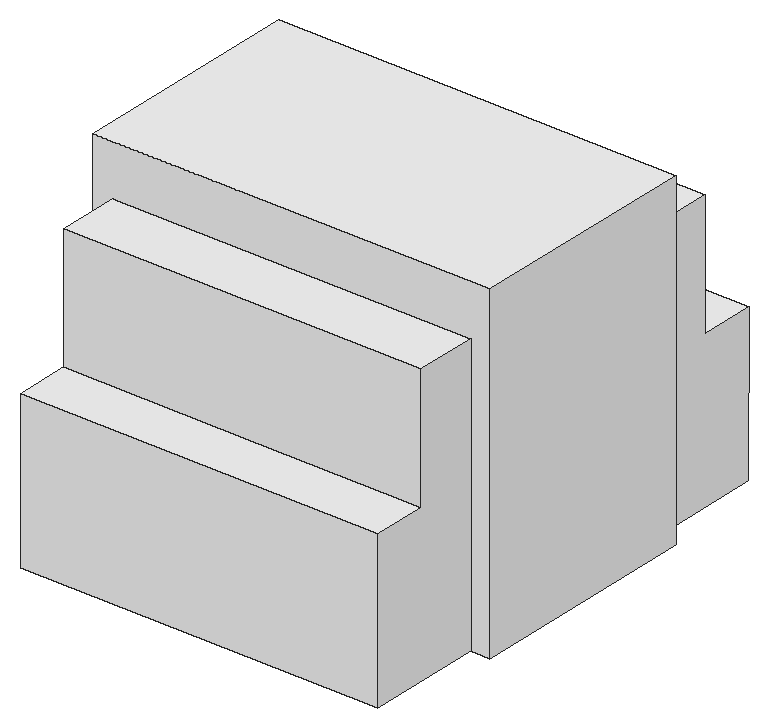
Revit family "Electrical_Equipment-HCS-LX_Series", category Electrical Equipment, host Face, Revit 2014
Parameters (values of type "LX")
  Withstand voltage = "I/P-O/P:3KVAC"  # constant formula
  Warranty = "Five-year limited"  # constant formula
  Voltage = "120V"
  URL = "https://www.hubbell.com/hubbellcontrolsolutions/en/"
  Type Comments = "Electrical Equipment"  # constant formula
  Tolerance = "+/-1%"  # constant formula
  Product Page URL = "https://www.hubbell.com/hubbellcontrolsolutions/en/Products/Lighting-Controls/Lighting-Controls-Sensors/LX-Lighting-Control-Panels/LXPWRSPLY/p/220931"
  Product Documentation Link = "https://hubbellcdn.com/specsheet/3116_lx_power_supply_cutsheet.pdf"
  Power Factor = 1
  Overvoltage protection = "Rated output voltage: 115% to 135%"  # constant formula
  Overload protection = "105% to 160% constant current limiting; auto-recovery"  # constant formula
  Output = "24V; 0–1.5A"  # constant formula
  Operating environment = "-4° to 22°F (-20°to 50°C) @100% load,140° F (60° C) @ 80% load"  # constant formula
  Model = "LX Power Supply\r"  # constant formula
  Manufacturer = "Hubbell Control Solutions"  # constant formula
  Load Classification = Power
  Keynote = ""
  Frequency = 60 Hz
  Efficiency = "83%"  # constant formula
  Device Material = Hubbell - White
  Description = "LX Lighting Control Panel System"  # constant formula
  Default Elevation = 48.00"
  DC adjustment range = "Rated output voltage: +/-10%"  # constant formula
  Create Date = "04/13/2018"  # constant formula
  Copyright = "Copyright © Hubbell Control Solutions"  # constant formula
  Contact Us = "https://www.hubbell.com/hubbellcontrolsolutions/en/contactUs?productId=220945"
  Connector Description 2 = "Controls"  # constant formula
  Connector Description 1 = "Power Supply"  # constant formula
  Certifications = "UL60950-1; TUV EN60950-1"  # constant formula
  Assembly Code = "D50"
  Apparent Load = 0.000 VA
  AC Input = "120VAC (100–240V), 50-60HZ(Line and Neutral Single Phase only)"  # constant formula
Reference planes (in)
  plane 1 "Center (Front/Back)": y = 0
  plane 2 "Bottom": z = 0
  plane 3 "Center (Left/Right)": x = 0
  plane 4: z = 2.5
  plane 5: y = 1.75
  plane 6: y = -1.75
  plane 7: x = -1.5
  plane 8: x = 1.5
  plane 9: y = 0.875
  plane 10: y = -0.875
  plane 11: x = -1.35
  plane 12: x = 1.35
Forms (in)
  Extrusion 1, solid, material "Hubbell - White" <- "Device Material"
    sketch origin (0, 0, 0.09375) x (0, -1, 0) y (1, 0, 0)
      loop
        line (-0.875, -1.5) -> (0.875, -1.5) -> (0.875, 1.5) -> (-0.875, 1.5) -> (-0.875, -1.5)
    from -0.09375 to 2.40625
  Extrusion 2, solid, material "Hubbell - White" <- "Device Material"
    sketch origin (0, 0, 0) x (0, 1, 0) y (0, 0, 1)
      loop
        line (0.875, 2.11167) -> (0.875, 0) -> (1.75, 0) -> (1.75, 1.17417) -> (1.33844, 1.17417) -> (1.33844, 2.11167) -> (0.875, 2.11167)
      loop
        line (-0.875, 2.11167) -> (-1.33844, 2.11167) -> (-1.33844, 1.17417) -> (-1.75, 1.17417) -> (-1.75, 0) -> (-0.875, 0) -> (-0.875, 2.11167)
    from -1.35 to 1.35
Cuts and joins
  joined: Extrusion 1, Extrusion 2
Lines and regions (in)
  model lines
    curve 1: line (-1.22302, 0.875, 2.11167) -> (-1.22302, 1.33844, 2.11167)
    curve 2: line (-1.18261, 0.875, 2.11167) -> (-1.18261, 1.33844, 2.11167)
    curve 3: line (1.18092, 0.875, 2.11167) -> (1.18092, 1.33844, 2.11167)
    curve 4: line (1.22134, 0.875, 2.11167) -> (1.22134, 1.33844, 2.11167)
    curve 5: line (-1.05131, 0.875, 2.11167) -> (-1.05131, 1.33844, 2.11167)
    curve 6: line (-1.0109, 0.875, 2.11167) -> (-1.0109, 1.33844, 2.11167)
    curve 7: line (-0.8796, 0.875, 2.11167) -> (-0.8796, 1.33844, 2.11167)
    curve 8: line (-0.83919, 0.875, 2.11167) -> (-0.83919, 1.33844, 2.11167)
    curve 9: line (-0.70789, 0.875, 2.11167) -> (-0.70789, 1.33844, 2.11167)
    curve 10: line (-0.66747, 0.875, 2.11167) -> (-0.66747, 1.33844, 2.11167)
    curve 11: line (-0.53618, 0.875, 2.11167) -> (-0.53618, 1.33844, 2.11167)
    curve 12: line (-0.49576, 0.875, 2.11167) -> (-0.49576, 1.33844, 2.11167)
    curve 13: line (-0.36447, 0.875, 2.11167) -> (-0.36447, 1.33844, 2.11167)
    curve 14: line (-0.32405, 0.875, 2.11167) -> (-0.32405, 1.33844, 2.11167)
    curve 15: line (-0.19276, 0.875, 2.11167) -> (-0.19276, 1.33844, 2.11167)
    curve 16: line (-0.15234, 0.875, 2.11167) -> (-0.15234, 1.33844, 2.11167)
    curve 17: line (-0.02105, 0.875, 2.11167) -> (-0.02105, 1.33844, 2.11167)
    curve 18: line (0.01937, 0.875, 2.11167) -> (0.01937, 1.33844, 2.11167)
    curve 19: line (0.15066, 0.875, 2.11167) -> (0.15066, 1.33844, 2.11167)
    curve 20: line (0.19108, 0.875, 2.11167) -> (0.19108, 1.33844, 2.11167)
    curve 21: line (0.32237, 0.875, 2.11167) -> (0.32237, 1.33844, 2.11167)
    curve 22: line (0.36279, 0.875, 2.11167) -> (0.36279, 1.33844, 2.11167)
    curve 23: line (0.49408, 0.875, 2.11167) -> (0.49408, 1.33844, 2.11167)
    curve 24: line (0.5345, 0.875, 2.11167) -> (0.5345, 1.33844, 2.11167)
    curve 25: line (0.66579, 0.875, 2.11167) -> (0.66579, 1.33844, 2.11167)
    curve 26: line (0.70621, 0.875, 2.11167) -> (0.70621, 1.33844, 2.11167)
    curve 27: line (0.8375, 0.875, 2.11167) -> (0.8375, 1.33844, 2.11167)
    curve 28: line (0.87792, 0.875, 2.11167) -> (0.87792, 1.33844, 2.11167)
    curve 29: line (1.00921, 0.875, 2.11167) -> (1.00921, 1.33844, 2.11167)
    curve 30: line (1.04963, 0.875, 2.11167) -> (1.04963, 1.33844, 2.11167)
    curve 31: line (-1.22302, -0.875, 2.11167) -> (-1.22302, -1.33844, 2.11167)
    curve 32: line (-1.18261, -0.875, 2.11167) -> (-1.18261, -1.33844, 2.11167)
    curve 33: line (1.18092, -0.875, 2.11167) -> (1.18092, -1.33844, 2.11167)
    curve 34: line (1.22134, -0.875, 2.11167) -> (1.22134, -1.33844, 2.11167)
    curve 35: line (-1.05131, -0.875, 2.11167) -> (-1.05131, -1.33844, 2.11167)
    curve 36: line (-1.0109, -0.875, 2.11167) -> (-1.0109, -1.33844, 2.11167)
    curve 37: line (-0.8796, -0.875, 2.11167) -> (-0.8796, -1.33844, 2.11167)
    curve 38: line (-0.83919, -0.875, 2.11167) -> (-0.83919, -1.33844, 2.11167)
    curve 39: line (-0.70789, -0.875, 2.11167) -> (-0.70789, -1.33844, 2.11167)
    curve 40: line (-0.66747, -0.875, 2.11167) -> (-0.66747, -1.33844, 2.11167)
    curve 41: line (-0.53618, -0.875, 2.11167) -> (-0.53618, -1.33844, 2.11167)
    curve 42: line (-0.49576, -0.875, 2.11167) -> (-0.49576, -1.33844, 2.11167)
    curve 43: line (-0.36447, -0.875, 2.11167) -> (-0.36447, -1.33844, 2.11167)
    curve 44: line (-0.32405, -0.875, 2.11167) -> (-0.32405, -1.33844, 2.11167)
    curve 45: line (-0.19276, -0.875, 2.11167) -> (-0.19276, -1.33844, 2.11167)
    curve 46: line (-0.15234, -0.875, 2.11167) -> (-0.15234, -1.33844, 2.11167)
    curve 47: line (-0.02105, -0.875, 2.11167) -> (-0.02105, -1.33844, 2.11167)
    curve 48: line (0.01937, -0.875, 2.11167) -> (0.01937, -1.33844, 2.11167)
    curve 49: line (0.15066, -0.875, 2.11167) -> (0.15066, -1.33844, 2.11167)
    curve 50: line (0.19108, -0.875, 2.11167) -> (0.19108, -1.33844, 2.11167)
    curve 51: line (0.32237, -0.875, 2.11167) -> (0.32237, -1.33844, 2.11167)
    curve 52: line (0.36279, -0.875, 2.11167) -> (0.36279, -1.33844, 2.11167)
    curve 53: line (0.49408, -0.875, 2.11167) -> (0.49408, -1.33844, 2.11167)
    curve 54: line (0.5345, -0.875, 2.11167) -> (0.5345, -1.33844, 2.11167)
    curve 55: line (0.66579, -0.875, 2.11167) -> (0.66579, -1.33844, 2.11167)
    curve 56: line (0.70621, -0.875, 2.11167) -> (0.70621, -1.33844, 2.11167)
    curve 57: line (0.8375, -0.875, 2.11167) -> (0.8375, -1.33844, 2.11167)
    curve 58: line (0.87792, -0.875, 2.11167) -> (0.87792, -1.33844, 2.11167)
    curve 59: line (1.00921, -0.875, 2.11167) -> (1.00921, -1.33844, 2.11167)
    curve 60: line (1.04963, -0.875, 2.11167) -> (1.04963, -1.33844, 2.11167)
Dimensions and locks (in)
  plane 4 to plane 2 "Bottom" = 2.50"  (x2)
  equal spacing: plane 7, plane 3 "Center (Left/Right)", plane 8
  equal spacing: plane 10, plane 1 "Center (Front/Back)", plane 9
  equal spacing: plane 5, plane 1 "Center (Front/Back)", plane 6
  plane 1 "Center (Front/Back)" to plane 5 = 1.75"
  equal spacing: plane 11, plane 3 "Center (Left/Right)", plane 12
  aligned and locked: plane 2 "Bottom" to host face
  aligned and locked: level to host face
  aligned and locked: plane 9 to Extrusion 1 sketch curve
  aligned and locked: Extrusion 1 sketch curve to plane 7
  aligned and locked: plane 10 to Extrusion 1 sketch curve
  aligned and locked: Extrusion 1 sketch curve to plane 8
  aligned and locked: Extrusion 1 to plane 2 "Bottom"
  aligned and locked: plane 4 to Extrusion 1
  aligned and locked: plane 9 to Extrusion 2 sketch curve
  aligned and locked: plane 5 to Extrusion 2 sketch curve
  aligned and locked: Extrusion 2 sketch curve to plane 10
  aligned and locked: Extrusion 2 sketch curve to plane 6
  aligned and locked: host face to Extrusion 2 sketch curve
  aligned and locked: Extrusion 2 sketch curve to host face
  aligned and locked: plane 11 to Extrusion 2
  aligned and locked: plane 12 to Extrusion 2
Automatic sketch dimensions
  host sketch curve to host sketch curve = 96.00"  (x2)
  Extrusion 2 sketch curve to plane 6 = 0.41156"
  Extrusion 2 sketch curve to plane 5 = 0.41156"
  Extrusion 2 sketch curve to plane 4 = 1.32583"  (x2)
  Extrusion 2 sketch curve to plane 4 = 0.38833"  (x2)
  curve 31 to curve 46 = 0.00"
  curve 31 to curve 32 = 0.00"  (x2)
  curve 46 to curve 60 = 0.00"
  curve 60 to curve 33 = 0.00"
  curve 59 to curve 60 = 0.00"  (x2)
  curve 33 to curve 34 = 0.00"  (x2)
  curve 58 to curve 59 = 0.00"  (x2)
  curve 32 to curve 35 = 0.00"
  curve 57 to curve 58 = 0.00"  (x2)
  curve 35 to curve 36 = 0.00"  (x2)
  curve 56 to curve 57 = 0.00"  (x2)
  curve 36 to curve 37 = 0.00"  (x2)
  curve 55 to curve 56 = 0.00"  (x2)
  curve 37 to curve 38 = 0.00"  (x2)
  curve 54 to curve 55 = 0.00"  (x2)
  curve 38 to curve 39 = 0.00"  (x2)
  curve 53 to curve 54 = 0.00"  (x2)
  curve 39 to curve 40 = 0.00"  (x2)
  curve 52 to curve 53 = 0.00"  (x2)
  curve 40 to curve 41 = 0.00"  (x2)
  curve 51 to curve 52 = 0.00"  (x2)
  curve 41 to curve 42 = 0.00"  (x2)
  curve 50 to curve 51 = 0.00"  (x2)
  curve 42 to curve 43 = 0.00"  (x2)
  curve 49 to curve 50 = 0.00"  (x2)
  curve 43 to curve 44 = 0.00"  (x2)
  curve 48 to curve 49 = 0.00"  (x2)
  curve 45 to curve 46 = 0.00"  (x2)
  curve 47 to curve 48 = 0.00"  (x2)
  curve 31 to curve 31 = 0.46344"
  curve 46 to curve 46 = 0.46344"
  curve 46 to curve 47 = 0.00"
  curve 44 to curve 45 = 0.00"
  curve 57 to curve 34 = 0.00"
  curve 4 to curve 3 = 0.04042"
  curve 34 to curve 33 = 0.04042"
  curve 3 to curve 30 = 0.13129"
  curve 60 to curve 59 = 0.04042"
  curve 30 to curve 29 = 0.04042"
  curve 59 to curve 58 = 0.13129"
  curve 29 to curve 28 = 0.13129"
  curve 28 to curve 27 = 0.04042"
  curve 58 to curve 57 = 0.04042"
  curve 27 to curve 26 = 0.13129"
  curve 57 to curve 56 = 0.13129"
  curve 56 to curve 55 = 0.04042"
  curve 26 to curve 25 = 0.04042"
  curve 55 to curve 54 = 0.13129"
  curve 25 to curve 24 = 0.13129"
  curve 24 to curve 23 = 0.04042"
  curve 54 to curve 53 = 0.04042"
  curve 53 to curve 52 = 0.13129"
  curve 23 to curve 22 = 0.13129"
  curve 22 to curve 21 = 0.04042"
  curve 52 to curve 51 = 0.04042"
  curve 51 to curve 50 = 0.13129"
  curve 21 to curve 20 = 0.13129"
  curve 50 to curve 49 = 0.04042"
  curve 20 to curve 19 = 0.04042"
  curve 19 to curve 18 = 0.13129"
  curve 49 to curve 48 = 0.13129"
  curve 18 to curve 17 = 0.04042"
  curve 48 to curve 47 = 0.04042"
  curve 17 to curve 16 = 0.13129"
  curve 47 to curve 46 = 0.13129"
  curve 46 to curve 45 = 0.04042"
  curve 16 to curve 15 = 0.04042"
  curve 45 to curve 44 = 0.13129"
  curve 15 to curve 14 = 0.13129"
  curve 14 to curve 13 = 0.04042"
  curve 44 to curve 43 = 0.04042"
  curve 13 to curve 12 = 0.13129"
  curve 43 to curve 42 = 0.13129"
  curve 12 to curve 11 = 0.04042"
  curve 42 to curve 41 = 0.04042"
  curve 41 to curve 40 = 0.13129"
  curve 11 to curve 10 = 0.13129"
  curve 40 to curve 39 = 0.04042"
  curve 10 to curve 9 = 0.04042"
  curve 39 to curve 38 = 0.13129"
  curve 9 to curve 8 = 0.13129"
  curve 38 to curve 37 = 0.04042"
  curve 8 to curve 7 = 0.04042"
  curve 37 to curve 36 = 0.13129"
  curve 7 to curve 6 = 0.13129"
  curve 36 to curve 35 = 0.04042"
  curve 6 to curve 5 = 0.04042"
  curve 5 to curve 2 = 0.13129"
  curve 32 to curve 31 = 0.04042"
  curve 2 to curve 1 = 0.04042"
  curve 47 to plane 10 = 0.00"
  plane 9 to curve 1 = 0.00"
  plane 9 to curve 30 = 0.00"
  plane 9 to curve 3 = 0.00"
  plane 9 to curve 29 = 0.00"
  plane 9 to curve 4 = 0.00"
  plane 9 to curve 28 = 0.00"
  plane 9 to curve 5 = 0.00"
  plane 9 to curve 27 = 0.00"
  plane 9 to curve 6 = 0.00"
  plane 9 to curve 26 = 0.00"
  plane 9 to curve 7 = 0.00"
  plane 9 to curve 25 = 0.00"
  plane 9 to curve 8 = 0.00"
  plane 9 to curve 24 = 0.00"
  plane 9 to curve 9 = 0.00"
  plane 9 to curve 23 = 0.00"
  plane 9 to curve 10 = 0.00"
  plane 9 to curve 22 = 0.00"
  plane 9 to curve 11 = 0.00"
  plane 9 to curve 21 = 0.00"
  plane 9 to curve 12 = 0.00"
  plane 9 to curve 20 = 0.00"
  plane 9 to curve 13 = 0.00"
  plane 9 to curve 19 = 0.00"
  plane 9 to curve 14 = 0.00"
  plane 9 to curve 18 = 0.00"
  plane 9 to curve 15 = 0.00"
  plane 9 to curve 17 = 0.00"
  plane 9 to curve 16 = 0.00"
  plane 9 to curve 2 = 0.00"
  curve 34 to plane 12 = 0.12866"
  curve 15 to plane 3 "Center (Left/Right)" = 0.19276"
  curve 15 to plane 5 = 0.41156"
  curve 15 to curve 17 = 0.00"
  curve 14 to curve 15 = 0.00"
  curve 17 to curve 18 = 0.00"
  curve 13 to curve 14 = 0.00"
  curve 18 to curve 19 = 0.00"
  curve 12 to curve 13 = 0.00"
  curve 19 to curve 20 = 0.00"
  curve 11 to curve 12 = 0.00"
  curve 20 to curve 21 = 0.00"
  curve 10 to curve 11 = 0.00"
  curve 21 to curve 22 = 0.00"
  curve 9 to curve 10 = 0.00"
  curve 22 to curve 23 = 0.00"
  curve 8 to curve 9 = 0.00"
  curve 23 to curve 24 = 0.00"
  curve 7 to curve 8 = 0.00"
  curve 24 to curve 25 = 0.00"
  curve 6 to curve 7 = 0.00"
  curve 25 to curve 26 = 0.00"
  curve 5 to curve 6 = 0.00"
  curve 26 to curve 27 = 0.00"
  curve 27 to curve 4 = 0.00"
  curve 27 to curve 28 = 0.00"
  curve 3 to curve 4 = 0.00"
  curve 28 to curve 29 = 0.00"
  curve 2 to curve 5 = 0.00"
  curve 15 to curve 16 = 0.00"
  curve 1 to curve 2 = 0.00"
  curve 29 to curve 30 = 0.00"
  curve 33 to curve 60 = 0.13129"
  curve 35 to curve 32 = 0.13129"
Connectors (in)
  electrical at (0, 0, 0), driven by "Load Classification", driven by "Apparent Load", driven by "Power Factor", driven by "Connector Description 1"
    settings: on cut or joined group of Extrusion 1, Extrusion 2, index 1, voltage 120 V, apparent load 0.000 VA, apparent load phase1 0.000 VA, apparent load phase2 0.000 VA, apparent load phase3 0.000 VA, power factor 1, load classification "Power", number of poles 1, system type 31, power factor state 1, is connector primary yes, connector utility no, sub classification motor no, connector description "Power Supply"
